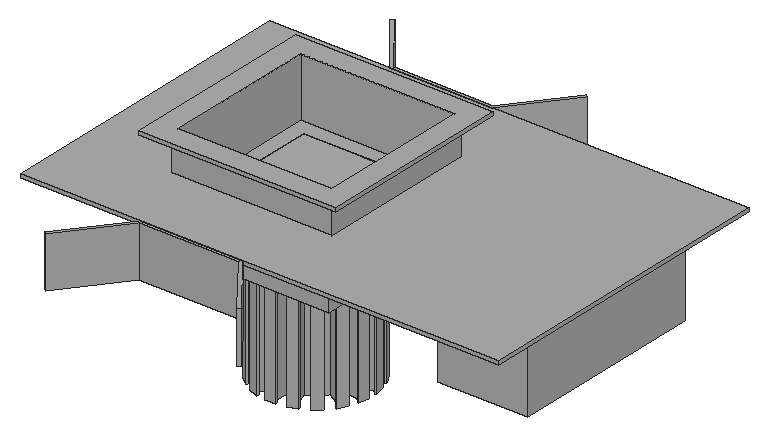
Revit family "LF4SQLED_Downlight", category Lighting Fixtures, host Face, Revit 2014
Parameters (values of type "LF4SQ")
  Width = 12 5/8"
  Wattage Comments = "14W"
  Wattage = 9.2903 W
  built-in parameter 1150110 = 1 (stored number, unit not read)
  Voltage = 120 V
  URL = "https://www.hubbell.com/prescolite/en/"
  built-in parameter 1114217 = 1 (stored number, unit not read)
  Tilt Angle = -90.00°
  built-in parameter 1150109 = 1 (stored number, unit not read)
  built-in parameter 1150134 = 3
  built-in parameter 1150113 = 1 (stored number, unit not read)
  SQ Length = 2 7/8"
  Product Page URL = "https://www.hubbell.com/hubbelllightingci/en/Products/Lighting-Controls/Commercial-Indoor-Lighting/Recessed-Downlights/LF4SQ/p/212948"
  Product Material = Steel
  Product Documentation Link = "https://hubbellcdn.com/specsheet/lfr_led_052.pdf"
  Power Factor = 0.9
  Photometric Web File = "LF4SQML-4SQML30L30K8 (1).IES"
  Number of Poles = 1
  More Photometric Web Link = "https://www.hubbell.com/hubbelllightingci/en/Products/Lighting-Controls/Commercial-Indoor-Lighting/Recessed-Downlights/LF4SQ/p/212948#prod-resources-section"
  Model = "LF4SQ"  # constant formula
  Manufacturer = "Prescolite"  # constant formula
  built-in parameter 1150105 = 109.82 (stored number, unit not read)
  Lumens = 1380 lm
  built-in parameter 1150115 = 1 (stored number, unit not read)
  Load Classification = Lighting
  built-in parameter 1150137 = (empty or 0)
  built-in parameter 1150139 = (empty or 0)
  Length = 14"
  built-in parameter 1150112 = 1 (stored number, unit not read)
  built-in parameter 1150114 = 1 (stored number, unit not read)
  Lamp = "1"
  built-in parameter 1150132 = (empty or 0)
  built-in parameter 1150102 = (empty or 0)
  built-in parameter 1150107 = 3200 (stored number, unit not read)
  built-in parameter 1150138 = (empty or 0)
  built-in parameter 1150106 = 1.0982 (stored number, unit not read)
  Height = 6 5/8"
  Glass = Glass
  Emit from Rectangle Width = 4 51/256"  # constant formula
  Emit from Rectangle Length = 4 51/256"  # constant formula
  Emit Shape Visible in Rendering = no
  built-in parameter 1150104 = 13.8 (stored number, unit not read)
  Dimming Lamp Color Temperature Shift = <None>
  Description = "4\" LED Square Downlight"
  Default Elevation = 48"
  Contact Us = "https://www.hubbell.com/hubbelllightingci/en/contactUs?productId=212948"
  Color Filter = 16777215
  built-in parameter 1114218 = 1 (stored number, unit not read)
  built-in parameter 1150133 = 10 (stored number, unit not read)
  Apparent Load = 14.4 VA
Reference planes (in)
  plane 1 "Center (Front/Back)": y = 0.03999
  plane 2: z = 0
  plane 3 "Center (Left/Right)": x = -8.24832
  plane 4: y = -6.27251
  plane 5: y = 6.35249
  plane 6: z = -5.5
  plane 7: x = -15.24832
  plane 8: x = -1.24832
  plane 9: y = 4.60249
  plane 10: y = -4.52251
  plane 11: x = -10.24832
  plane 12: x = -13.12332
  plane 13: x = -7.37332
  plane 14: y = 2.91499
  plane 15: y = -2.83501
  plane 16: z = 1.125
  plane 17: z = -2.375
  plane 18: z = 1.025
  plane 19: x = -4.37332
  plane 20: x = -1.74832
  plane 21: z = -0.1
  plane 22: z = 1.25
Forms (in)
  Extrusion 1, void
    sketch origin (0, 0, 0) x (1, 0, 0) y (0, 1, 0)
      loop
        line (-12.74832, 4.60199) -> (-12.74832, -4.52201) -> (-3.74832, -4.52201) -> (-3.74832, 4.60199) -> (-12.74832, 4.60199)
    from 0 to -7
  Sweep 2, solid, material "Steel" <- "Product Material"
    path origin (-16.83938, -180, -3.5) x (-1, 0, 0) y (0, -1, 0)
      loop
        line (-3.71606, -177.16499) -> (-9.46606, -177.16499) -> (-9.46606, -182.91499) -> (-3.71606, -182.91499) -> (-3.71606, -177.16499)
    profile origin (-13.12332, 0.03999, -3.5) x (-1, 0, 0) y (0, 0, 1)
      loop
        line (0, 4.625) -> (-0.625, 4.625) -> (-0.625, 2.875) -> (-1.06338, 2.875) -> (-1.06338, 1.125) -> (-0.96338, 1.125) -> (-0.96338, 2.775) -> (-0.525, 2.775) -> (-0.525, 4.525) -> (0, 4.525) -> (0, 4.625)
  Extrusion 3, solid, material "Steel" <- "Product Material"
    sketch origin (-16.83938, -180, -3.5) x (-1, 0, 0) y (0, -1, 0)
      loop
        circle (-6.59106, -180.03999) r 1
    from -2 to 1.125
  Extrusion 4, solid, material "Steel" <- "Product Material"
    sketch origin (-16.83938, -180, -3.5) x (-1, 0, 0) y (0, -1, 0)
      loop
        line (-4.77944, -181.85161) -> (-4.77944, -178.22837) -> (-8.40267, -178.22837) -> (-8.40267, -181.85161) -> (-4.77944, -181.85161)
    from 1.125 to 2.875
  Extrusion 5, solid, material "Steel" <- "Product Material"
    sketch origin (0, 0.03999, 0) x (1, 0, 0) y (0, 0, 1)
      loop
        line (-4.37332, -0.1) -> (-4.37332, -2.375) -> (-1.74832, -2.375) -> (-1.74832, -0.1) -> (-4.37332, -0.1)
    from -2.875 to 2.875
  Sweep 6, solid, material "Steel" <- "Product Material"
    path origin (0.25978, 0, 0) x (0, 1, 0) y (0, 0, 1)
      loop
        line (0.03999, -2.375) -> (0.03999, -5.5)
    profile origin (0.25978, 0.03999, -3.9375) x (1, 0, 0) y (0, 1, 0)
      loop
        line (-10.45811, 0.99875) -> (-10.45811, 1.62007) -> (-10.35811, 1.62007) -> (-10.35811, 1.67007) -> (-10.65811, 1.67007) -> (-10.65811, 1.62007) -> (-10.55811, 1.62007) -> (-10.55811, 0.99875)
        arc (-10.55811, 0.99875) -> (-10.50811, 1) -> (-10.45811, 0.99875) r 1
  Sweep 7, solid, material "Steel" <- "Product Material"
    path origin (-0.36026, 3.5964, 0) x (-0.34202, 0.939693, 0) y (0, 0, 1)
      loop
        line (0.03999, -2.375) -> (0.03999, -5.5)
    profile origin (-0.37394, 3.63397, -3.9375) x (0.939693, 0.34202, 0) y (-0.34202, 0.939693, 0)
      loop
        line (-10.45811, 0.99875) -> (-10.45811, 1.62007) -> (-10.35811, 1.62007) -> (-10.35811, 1.67007) -> (-10.65811, 1.67007) -> (-10.65811, 1.62007) -> (-10.55811, 1.62007) -> (-10.55811, 0.99875)
        arc (-10.55811, 0.99875) -> (-10.50811, 1) -> (-10.45811, 0.99875) r 1
  Sweep 8, solid, material "Steel" <- "Product Material"
    path origin (-2.17294, 6.76384, 0) x (-0.642788, 0.766044, 0) y (0, 0, 1)
      loop
        line (0.03999, -2.375) -> (0.03999, -5.5)
    profile origin (-2.19865, 6.79447, -3.9375) x (0.766044, 0.642788, 0) y (-0.642788, 0.766044, 0)
      loop
        line (-10.45811, 0.99875) -> (-10.45811, 1.62007) -> (-10.35811, 1.62007) -> (-10.35811, 1.67007) -> (-10.65811, 1.67007) -> (-10.65811, 1.62007) -> (-10.55811, 1.62007) -> (-10.55811, 0.99875)
        arc (-10.55811, 0.99875) -> (-10.50811, 1) -> (-10.45811, 0.99875) r 1
  Sweep 9, solid, material "Steel" <- "Product Material"
    path origin (-4.95964, 9.12028, 0) x (-0.866025, 0.5, 0) y (0, 0, 1)
      loop
        line (0.03999, -2.375) -> (0.03999, -5.5)
    profile origin (-4.99427, 9.14028, -3.9375) x (0.5, 0.866025, 0) y (-0.866025, 0.5, 0)
      loop
        line (-10.45811, 0.99875) -> (-10.45811, 1.62007) -> (-10.35811, 1.62007) -> (-10.35811, 1.67007) -> (-10.65811, 1.67007) -> (-10.65811, 1.62007) -> (-10.55811, 1.62007) -> (-10.55811, 0.99875)
        arc (-10.55811, 0.99875) -> (-10.50811, 1) -> (-10.45811, 0.99875) r 1
  Sweep 10, solid, material "Steel" <- "Product Material"
    path origin (-8.38423, 10.38151, 0) x (-0.984808, 0.173648, 0) y (0, 0, 1)
      loop
        line (0.03999, -2.375) -> (0.03999, -5.5)
    profile origin (-8.42361, 10.38845, -3.9375) x (0.173648, 0.984808, 0) y (-0.984808, 0.173648, 0)
      loop
        line (-10.45811, 0.99875) -> (-10.45811, 1.62007) -> (-10.35811, 1.62007) -> (-10.35811, 1.67007) -> (-10.65811, 1.67007) -> (-10.65811, 1.62007) -> (-10.55811, 1.62007) -> (-10.55811, 0.99875)
        arc (-10.55811, 0.99875) -> (-10.50811, 1) -> (-10.45811, 0.99875) r 1
  Sweep 11, solid, material "Steel" <- "Product Material"
    path origin (-12.03365, 10.3954, 0) x (-0.984808, -0.173648, 0) y (0, 0, 1)
      loop
        line (0.03999, -2.375) -> (0.03999, -5.5)
    profile origin (-12.07304, 10.38845, -3.9375) x (-0.173648, 0.984808, 0) y (-0.984808, -0.173648, 0)
      loop
        line (-10.45811, 0.99875) -> (-10.45811, 1.62007) -> (-10.35811, 1.62007) -> (-10.35811, 1.67007) -> (-10.65811, 1.67007) -> (-10.65811, 1.62007) -> (-10.55811, 1.62007) -> (-10.55811, 0.99875)
        arc (-10.55811, 0.99875) -> (-10.50811, 1) -> (-10.45811, 0.99875) r 1
  Sweep 12, solid, material "Steel" <- "Product Material"
    path origin (-15.46774, 9.16027, 0) x (-0.866025, -0.5, 0) y (0, 0, 1)
      loop
        line (0.03999, -2.375) -> (0.03999, -5.5)
    profile origin (-15.50238, 9.14028, -3.9375) x (-0.5, 0.866025, 0) y (-0.866025, -0.5, 0)
      loop
        line (-10.45811, 0.99875) -> (-10.45811, 1.62007) -> (-10.35811, 1.62007) -> (-10.35811, 1.67007) -> (-10.65811, 1.67007) -> (-10.65811, 1.62007) -> (-10.55811, 1.62007) -> (-10.55811, 0.99875)
        arc (-10.55811, 0.99875) -> (-10.50811, 1) -> (-10.45811, 0.99875) r 1
  Sweep 13, solid, material "Steel" <- "Product Material"
    path origin (-18.27229, 6.82511, 0) x (-0.642788, -0.766044, 0) y (0, 0, 1)
      loop
        line (0.03999, -2.375) -> (0.03999, -5.5)
    profile origin (-18.298, 6.79447, -3.9375) x (-0.766044, 0.642788, 0) y (-0.642788, -0.766044, 0)
      loop
        line (-10.45811, 0.99875) -> (-10.45811, 1.62007) -> (-10.35811, 1.62007) -> (-10.35811, 1.67007) -> (-10.65811, 1.67007) -> (-10.65811, 1.62007) -> (-10.55811, 1.62007) -> (-10.55811, 0.99875)
        arc (-10.55811, 0.99875) -> (-10.50811, 1) -> (-10.45811, 0.99875) r 1
  Sweep 14, solid, material "Steel" <- "Product Material"
    path origin (-20.10904, 3.67155, 0) x (-0.34202, -0.939693, 0) y (0, 0, 1)
      loop
        line (0.03999, -2.375) -> (0.03999, -5.5)
    profile origin (-20.12271, 3.63397, -3.9375) x (-0.939693, 0.34202, 0) y (-0.34202, -0.939693, 0)
      loop
        line (-10.45811, 0.99875) -> (-10.45811, 1.62007) -> (-10.35811, 1.62007) -> (-10.35811, 1.67007) -> (-10.65811, 1.67007) -> (-10.65811, 1.62007) -> (-10.55811, 1.62007) -> (-10.55811, 0.99875)
        arc (-10.55811, 0.99875) -> (-10.50811, 1) -> (-10.45811, 0.99875) r 1
  Sweep 15, solid, material "Steel" <- "Product Material"
    path origin (-20.75643, 0.07998, 0) x (0, -1, 0) y (0, 0, 1)
      loop
        line (0.03999, -2.375) -> (0.03999, -5.5)
    profile origin (-20.75643, 0.03999, -3.9375) x (-1, 0, 0) y (0, -1, 0)
      loop
        line (-10.45811, 0.99875) -> (-10.45811, 1.62007) -> (-10.35811, 1.62007) -> (-10.35811, 1.67007) -> (-10.65811, 1.67007) -> (-10.65811, 1.62007) -> (-10.55811, 1.62007) -> (-10.55811, 0.99875)
        arc (-10.55811, 0.99875) -> (-10.50811, 1) -> (-10.45811, 0.99875) r 1
  Sweep 16, solid, material "Steel" <- "Product Material"
    path origin (-20.13639, -3.51641, 0) x (0.34202, -0.939693, 0) y (0, 0, 1)
      loop
        line (0.03999, -2.375) -> (0.03999, -5.5)
    profile origin (-20.12271, -3.55399, -3.9375) x (-0.939693, -0.34202, 0) y (0.34202, -0.939693, 0)
      loop
        line (-10.45811, 0.99875) -> (-10.45811, 1.62007) -> (-10.35811, 1.62007) -> (-10.35811, 1.67007) -> (-10.65811, 1.67007) -> (-10.65811, 1.62007) -> (-10.55811, 1.62007) -> (-10.55811, 0.99875)
        arc (-10.55811, 0.99875) -> (-10.50811, 1) -> (-10.45811, 0.99875) r 1
  Sweep 17, solid, material "Steel" <- "Product Material"
    path origin (-18.32371, -6.68385, 0) x (0.642788, -0.766044, 0) y (0, 0, 1)
      loop
        line (0.03999, -2.375) -> (0.03999, -5.5)
    profile origin (-18.298, -6.71449, -3.9375) x (-0.766044, -0.642788, 0) y (0.642788, -0.766044, 0)
      loop
        line (-10.45811, 0.99875) -> (-10.45811, 1.62007) -> (-10.35811, 1.62007) -> (-10.35811, 1.67007) -> (-10.65811, 1.67007) -> (-10.65811, 1.62007) -> (-10.55811, 1.62007) -> (-10.55811, 0.99875)
        arc (-10.55811, 0.99875) -> (-10.50811, 1) -> (-10.45811, 0.99875) r 1
  Sweep 18, solid, material "Steel" <- "Product Material"
    path origin (-15.53701, -9.0403, 0) x (0.866025, -0.5, 0) y (0, 0, 1)
      loop
        line (0.03999, -2.375) -> (0.03999, -5.5)
    profile origin (-15.50238, -9.06029, -3.9375) x (-0.5, -0.866025, 0) y (0.866025, -0.5, 0)
      loop
        line (-10.45811, 0.99875) -> (-10.45811, 1.62007) -> (-10.35811, 1.62007) -> (-10.35811, 1.67007) -> (-10.65811, 1.67007) -> (-10.65811, 1.62007) -> (-10.55811, 1.62007) -> (-10.55811, 0.99875)
        arc (-10.55811, 0.99875) -> (-10.50811, 1) -> (-10.45811, 0.99875) r 1
  Sweep 19, solid, material "Steel" <- "Product Material"
    path origin (-12.11242, -10.30153, 0) x (0.984808, -0.173648, 0) y (0, 0, 1)
      loop
        line (0.03999, -2.375) -> (0.03999, -5.5)
    profile origin (-12.07304, -10.30847, -3.9375) x (-0.173648, -0.984808, 0) y (0.984808, -0.173648, 0)
      loop
        line (-10.45811, 0.99875) -> (-10.45811, 1.62007) -> (-10.35811, 1.62007) -> (-10.35811, 1.67007) -> (-10.65811, 1.67007) -> (-10.65811, 1.62007) -> (-10.55811, 1.62007) -> (-10.55811, 0.99875)
        arc (-10.55811, 0.99875) -> (-10.50811, 1) -> (-10.45811, 0.99875) r 1
  Sweep 20, solid, material "Steel" <- "Product Material"
    path origin (-8.46299, -10.31542, 0) x (0.984808, 0.173648, 0) y (0, 0, 1)
      loop
        line (0.03999, -2.375) -> (0.03999, -5.5)
    profile origin (-8.42361, -10.30847, -3.9375) x (0.173648, -0.984808, 0) y (0.984808, 0.173648, 0)
      loop
        line (-10.45811, 0.99875) -> (-10.45811, 1.62007) -> (-10.35811, 1.62007) -> (-10.35811, 1.67007) -> (-10.65811, 1.67007) -> (-10.65811, 1.62007) -> (-10.55811, 1.62007) -> (-10.55811, 0.99875)
        arc (-10.55811, 0.99875) -> (-10.50811, 1) -> (-10.45811, 0.99875) r 1
  Sweep 21, solid, material "Steel" <- "Product Material"
    path origin (-5.02891, -9.08029, 0) x (0.866025, 0.5, 0) y (0, 0, 1)
      loop
        line (0.03999, -2.375) -> (0.03999, -5.5)
    profile origin (-4.99427, -9.06029, -3.9375) x (0.5, -0.866025, 0) y (0.866025, 0.5, 0)
      loop
        line (-10.45811, 0.99875) -> (-10.45811, 1.62007) -> (-10.35811, 1.62007) -> (-10.35811, 1.67007) -> (-10.65811, 1.67007) -> (-10.65811, 1.62007) -> (-10.55811, 1.62007) -> (-10.55811, 0.99875)
        arc (-10.55811, 0.99875) -> (-10.50811, 1) -> (-10.45811, 0.99875) r 1
  Sweep 22, solid, material "Steel" <- "Product Material"
    path origin (-2.22435, -6.74512, 0) x (0.642788, 0.766044, 0) y (0, 0, 1)
      loop
        line (0.03999, -2.375) -> (0.03999, -5.5)
    profile origin (-2.19865, -6.71449, -3.9375) x (0.766044, -0.642788, 0) y (0.642788, 0.766044, 0)
      loop
        line (-10.45811, 0.99875) -> (-10.45811, 1.62007) -> (-10.35811, 1.62007) -> (-10.35811, 1.67007) -> (-10.65811, 1.67007) -> (-10.65811, 1.62007) -> (-10.55811, 1.62007) -> (-10.55811, 0.99875)
        arc (-10.55811, 0.99875) -> (-10.50811, 1) -> (-10.45811, 0.99875) r 1
  Sweep 23, solid, material "Steel" <- "Product Material"
    path origin (-0.38761, -3.59157, 0) x (0.34202, 0.939693, 0) y (0, 0, 1)
      loop
        line (0.03999, -2.375) -> (0.03999, -5.5)
    profile origin (-0.37394, -3.55399, -3.9375) x (0.939693, -0.34202, 0) y (0.34202, 0.939693, 0)
      loop
        line (-10.45811, 0.99875) -> (-10.45811, 1.62007) -> (-10.35811, 1.62007) -> (-10.35811, 1.67007) -> (-10.65811, 1.67007) -> (-10.65811, 1.62007) -> (-10.55811, 1.62007) -> (-10.55811, 0.99875)
        arc (-10.55811, 0.99875) -> (-10.50811, 1) -> (-10.45811, 0.99875) r 1
  Sweep 24, solid, material "Steel" <- "Product Material"
    path origin (-16.83938, -180, -3.5) x (-1, 0, 0) y (0, -1, 0)
      loop
        line (-3.71606, -186.35249) -> (-5.09106, -184.60249) -> (-8.09881, -184.60249) -> (-9.46606, -186.35249)
    profile origin (-10.24445, 4.60249, -3.5) x (0, 1, 0) y (0, 0, 1)
      loop
        line (0, 3.5) -> (0, 2) -> (0.1, 2) -> (0.1, 3.5) -> (0, 3.5)
  Extrusion 25, solid, material "Steel" <- "Product Material"
    sketch origin (-16.83938, -180, -3.5) x (-1, 0, 0) y (0, -1, 0)
      loop
        line (-1.59106, -184.60249) -> (-1.59106, -175.47749) -> (-15.59106, -175.47749) -> (-15.59106, -184.60249) -> (-1.59106, -184.60249)
      loop
        line (-4.24106, -182.38999) -> (-4.24106, -177.68999) -> (-8.94106, -177.68999) -> (-8.94106, -182.38999) -> (-4.24106, -182.38999)
    from 3.4 to 3.5
  Sweep 26, solid, material "Steel" <- "Product Material"
    path origin (-16.83938, 180.07998, -3.5) x (-1, 0, 0) y (0, -1, 0)
      loop
        line (-3.71606, 186.35249) -> (-5.09106, 184.60249) -> (-8.09881, 184.60249) -> (-9.46606, 186.35249)
    profile origin (-10.24445, -4.52251, -3.5) x (0, 1, 0) y (0, 0, 1)
      loop
        line (0, 3.5) -> (-0.1, 3.5) -> (-0.1, 2) -> (0, 2) -> (0, 3.5)
  Sweep 27, solid, material "Steel" <- "Product Material", not visible
    path origin (0.25978, 0, 0) x (0, 1, 0) y (0, 0, 1)
      loop
        line (0.03999, -2.375) -> (0.03999, -5.5)
    profile origin (0.25978, 0.03999, -3.9375) x (1, 0, 0) y (0, 1, 0)
      loop
        line (-10.45811, 0.99875) -> (-10.45811, 1.62007) -> (-10.35811, 1.62007) -> (-10.35811, 1.67007) -> (-10.65811, 1.67007) -> (-10.65811, 1.62007) -> (-10.55811, 1.62007) -> (-10.55811, 0.99875)
        arc (-10.55811, 0.99875) -> (-10.50811, 1) -> (-10.45811, 0.99875) r 1
  Sweep 28, solid, material "Steel" <- "Product Material", not visible
    path origin (-0.36026, 3.5964, 0) x (-0.34202, 0.939693, 0) y (0, 0, 1)
      loop
        line (0.03999, -2.375) -> (0.03999, -5.5)
    profile origin (-0.37394, 3.63397, -3.9375) x (0.939693, 0.34202, 0) y (-0.34202, 0.939693, 0)
      loop
        line (-10.45811, 0.99875) -> (-10.45811, 1.62007) -> (-10.35811, 1.62007) -> (-10.35811, 1.67007) -> (-10.65811, 1.67007) -> (-10.65811, 1.62007) -> (-10.55811, 1.62007) -> (-10.55811, 0.99875)
        arc (-10.55811, 0.99875) -> (-10.50811, 1) -> (-10.45811, 0.99875) r 1
  Sweep 29, solid, material "Steel" <- "Product Material", not visible
    path origin (-2.17294, 6.76384, 0) x (-0.642788, 0.766044, 0) y (0, 0, 1)
      loop
        line (0.03999, -2.375) -> (0.03999, -5.5)
    profile origin (-2.19865, 6.79447, -3.9375) x (0.766044, 0.642788, 0) y (-0.642788, 0.766044, 0)
      loop
        line (-10.45811, 0.99875) -> (-10.45811, 1.62007) -> (-10.35811, 1.62007) -> (-10.35811, 1.67007) -> (-10.65811, 1.67007) -> (-10.65811, 1.62007) -> (-10.55811, 1.62007) -> (-10.55811, 0.99875)
        arc (-10.55811, 0.99875) -> (-10.50811, 1) -> (-10.45811, 0.99875) r 1
  Sweep 30, solid, material "Steel" <- "Product Material", not visible
    path origin (-4.95964, 9.12028, 0) x (-0.866025, 0.5, 0) y (0, 0, 1)
      loop
        line (0.03999, -2.375) -> (0.03999, -5.5)
    profile origin (-4.99427, 9.14028, -3.9375) x (0.5, 0.866025, 0) y (-0.866025, 0.5, 0)
      loop
        line (-10.45811, 0.99875) -> (-10.45811, 1.62007) -> (-10.35811, 1.62007) -> (-10.35811, 1.67007) -> (-10.65811, 1.67007) -> (-10.65811, 1.62007) -> (-10.55811, 1.62007) -> (-10.55811, 0.99875)
        arc (-10.55811, 0.99875) -> (-10.50811, 1) -> (-10.45811, 0.99875) r 1
  Sweep 31, solid, material "Steel" <- "Product Material", not visible
    path origin (-8.38423, 10.38151, 0) x (-0.984808, 0.173648, 0) y (0, 0, 1)
      loop
        line (0.03999, -2.375) -> (0.03999, -5.5)
    profile origin (-8.42361, 10.38845, -3.9375) x (0.173648, 0.984808, 0) y (-0.984808, 0.173648, 0)
      loop
        line (-10.45811, 0.99875) -> (-10.45811, 1.62007) -> (-10.35811, 1.62007) -> (-10.35811, 1.67007) -> (-10.65811, 1.67007) -> (-10.65811, 1.62007) -> (-10.55811, 1.62007) -> (-10.55811, 0.99875)
        arc (-10.55811, 0.99875) -> (-10.50811, 1) -> (-10.45811, 0.99875) r 1
  Sweep 32, solid, material "Steel" <- "Product Material", not visible
    path origin (-12.03365, 10.3954, 0) x (-0.984808, -0.173648, 0) y (0, 0, 1)
      loop
        line (0.03999, -2.375) -> (0.03999, -5.5)
    profile origin (-12.07304, 10.38845, -3.9375) x (-0.173648, 0.984808, 0) y (-0.984808, -0.173648, 0)
      loop
        line (-10.45811, 0.99875) -> (-10.45811, 1.62007) -> (-10.35811, 1.62007) -> (-10.35811, 1.67007) -> (-10.65811, 1.67007) -> (-10.65811, 1.62007) -> (-10.55811, 1.62007) -> (-10.55811, 0.99875)
        arc (-10.55811, 0.99875) -> (-10.50811, 1) -> (-10.45811, 0.99875) r 1
  Sweep 33, solid, material "Steel" <- "Product Material", not visible
    path origin (-15.46774, 9.16027, 0) x (-0.866025, -0.5, 0) y (0, 0, 1)
      loop
        line (0.03999, -2.375) -> (0.03999, -5.5)
    profile origin (-15.50238, 9.14028, -3.9375) x (-0.5, 0.866025, 0) y (-0.866025, -0.5, 0)
      loop
        line (-10.45811, 0.99875) -> (-10.45811, 1.62007) -> (-10.35811, 1.62007) -> (-10.35811, 1.67007) -> (-10.65811, 1.67007) -> (-10.65811, 1.62007) -> (-10.55811, 1.62007) -> (-10.55811, 0.99875)
        arc (-10.55811, 0.99875) -> (-10.50811, 1) -> (-10.45811, 0.99875) r 1
  Sweep 34, solid, material "Steel" <- "Product Material", not visible
    path origin (-18.27229, 6.82511, 0) x (-0.642788, -0.766044, 0) y (0, 0, 1)
      loop
        line (0.03999, -2.375) -> (0.03999, -5.5)
    profile origin (-18.298, 6.79447, -3.9375) x (-0.766044, 0.642788, 0) y (-0.642788, -0.766044, 0)
      loop
        line (-10.45811, 0.99875) -> (-10.45811, 1.62007) -> (-10.35811, 1.62007) -> (-10.35811, 1.67007) -> (-10.65811, 1.67007) -> (-10.65811, 1.62007) -> (-10.55811, 1.62007) -> (-10.55811, 0.99875)
        arc (-10.55811, 0.99875) -> (-10.50811, 1) -> (-10.45811, 0.99875) r 1
  Sweep 35, solid, material "Steel" <- "Product Material", not visible
    path origin (-20.10904, 3.67155, 0) x (-0.34202, -0.939693, 0) y (0, 0, 1)
      loop
        line (0.03999, -2.375) -> (0.03999, -5.5)
    profile origin (-20.12271, 3.63397, -3.9375) x (-0.939693, 0.34202, 0) y (-0.34202, -0.939693, 0)
      loop
        line (-10.45811, 0.99875) -> (-10.45811, 1.62007) -> (-10.35811, 1.62007) -> (-10.35811, 1.67007) -> (-10.65811, 1.67007) -> (-10.65811, 1.62007) -> (-10.55811, 1.62007) -> (-10.55811, 0.99875)
        arc (-10.55811, 0.99875) -> (-10.50811, 1) -> (-10.45811, 0.99875) r 1
  Sweep 36, solid, material "Steel" <- "Product Material", not visible
    path origin (-20.75643, 0.07998, 0) x (0, -1, 0) y (0, 0, 1)
      loop
        line (0.03999, -2.375) -> (0.03999, -5.5)
    profile origin (-20.75643, 0.03999, -3.9375) x (-1, 0, 0) y (0, -1, 0)
      loop
        line (-10.45811, 0.99875) -> (-10.45811, 1.62007) -> (-10.35811, 1.62007) -> (-10.35811, 1.67007) -> (-10.65811, 1.67007) -> (-10.65811, 1.62007) -> (-10.55811, 1.62007) -> (-10.55811, 0.99875)
        arc (-10.55811, 0.99875) -> (-10.50811, 1) -> (-10.45811, 0.99875) r 1
  Sweep 37, solid, material "Steel" <- "Product Material", not visible
    path origin (-20.13639, -3.51641, 0) x (0.34202, -0.939693, 0) y (0, 0, 1)
      loop
        line (0.03999, -2.375) -> (0.03999, -5.5)
    profile origin (-20.12271, -3.55399, -3.9375) x (-0.939693, -0.34202, 0) y (0.34202, -0.939693, 0)
      loop
        line (-10.45811, 0.99875) -> (-10.45811, 1.62007) -> (-10.35811, 1.62007) -> (-10.35811, 1.67007) -> (-10.65811, 1.67007) -> (-10.65811, 1.62007) -> (-10.55811, 1.62007) -> (-10.55811, 0.99875)
        arc (-10.55811, 0.99875) -> (-10.50811, 1) -> (-10.45811, 0.99875) r 1
  Sweep 38, solid, material "Steel" <- "Product Material", not visible
    path origin (-18.32371, -6.68385, 0) x (0.642788, -0.766044, 0) y (0, 0, 1)
      loop
        line (0.03999, -2.375) -> (0.03999, -5.5)
    profile origin (-18.298, -6.71449, -3.9375) x (-0.766044, -0.642788, 0) y (0.642788, -0.766044, 0)
      loop
        line (-10.45811, 0.99875) -> (-10.45811, 1.62007) -> (-10.35811, 1.62007) -> (-10.35811, 1.67007) -> (-10.65811, 1.67007) -> (-10.65811, 1.62007) -> (-10.55811, 1.62007) -> (-10.55811, 0.99875)
        arc (-10.55811, 0.99875) -> (-10.50811, 1) -> (-10.45811, 0.99875) r 1
  Sweep 39, solid, material "Steel" <- "Product Material", not visible
    path origin (-15.53701, -9.0403, 0) x (0.866025, -0.5, 0) y (0, 0, 1)
      loop
        line (0.03999, -2.375) -> (0.03999, -5.5)
    profile origin (-15.50238, -9.06029, -3.9375) x (-0.5, -0.866025, 0) y (0.866025, -0.5, 0)
      loop
        line (-10.45811, 0.99875) -> (-10.45811, 1.62007) -> (-10.35811, 1.62007) -> (-10.35811, 1.67007) -> (-10.65811, 1.67007) -> (-10.65811, 1.62007) -> (-10.55811, 1.62007) -> (-10.55811, 0.99875)
        arc (-10.55811, 0.99875) -> (-10.50811, 1) -> (-10.45811, 0.99875) r 1
  Sweep 40, solid, material "Steel" <- "Product Material", not visible
    path origin (-12.11242, -10.30153, 0) x (0.984808, -0.173648, 0) y (0, 0, 1)
      loop
        line (0.03999, -2.375) -> (0.03999, -5.5)
    profile origin (-12.07304, -10.30847, -3.9375) x (-0.173648, -0.984808, 0) y (0.984808, -0.173648, 0)
      loop
        line (-10.45811, 0.99875) -> (-10.45811, 1.62007) -> (-10.35811, 1.62007) -> (-10.35811, 1.67007) -> (-10.65811, 1.67007) -> (-10.65811, 1.62007) -> (-10.55811, 1.62007) -> (-10.55811, 0.99875)
        arc (-10.55811, 0.99875) -> (-10.50811, 1) -> (-10.45811, 0.99875) r 1
  Sweep 41, solid, material "Steel" <- "Product Material", not visible
    path origin (-8.46299, -10.31542, 0) x (0.984808, 0.173648, 0) y (0, 0, 1)
      loop
        line (0.03999, -2.375) -> (0.03999, -5.5)
    profile origin (-8.42361, -10.30847, -3.9375) x (0.173648, -0.984808, 0) y (0.984808, 0.173648, 0)
      loop
        line (-10.45811, 0.99875) -> (-10.45811, 1.62007) -> (-10.35811, 1.62007) -> (-10.35811, 1.67007) -> (-10.65811, 1.67007) -> (-10.65811, 1.62007) -> (-10.55811, 1.62007) -> (-10.55811, 0.99875)
        arc (-10.55811, 0.99875) -> (-10.50811, 1) -> (-10.45811, 0.99875) r 1
  Sweep 42, solid, material "Steel" <- "Product Material", not visible
    path origin (-5.02891, -9.08029, 0) x (0.866025, 0.5, 0) y (0, 0, 1)
      loop
        line (0.03999, -2.375) -> (0.03999, -5.5)
    profile origin (-4.99427, -9.06029, -3.9375) x (0.5, -0.866025, 0) y (0.866025, 0.5, 0)
      loop
        line (-10.45811, 0.99875) -> (-10.45811, 1.62007) -> (-10.35811, 1.62007) -> (-10.35811, 1.67007) -> (-10.65811, 1.67007) -> (-10.65811, 1.62007) -> (-10.55811, 1.62007) -> (-10.55811, 0.99875)
        arc (-10.55811, 0.99875) -> (-10.50811, 1) -> (-10.45811, 0.99875) r 1
  Sweep 43, solid, material "Steel" <- "Product Material", not visible
    path origin (-2.22435, -6.74512, 0) x (0.642788, 0.766044, 0) y (0, 0, 1)
      loop
        line (0.03999, -2.375) -> (0.03999, -5.5)
    profile origin (-2.19865, -6.71449, -3.9375) x (0.766044, -0.642788, 0) y (0.642788, 0.766044, 0)
      loop
        line (-10.45811, 0.99875) -> (-10.45811, 1.62007) -> (-10.35811, 1.62007) -> (-10.35811, 1.67007) -> (-10.65811, 1.67007) -> (-10.65811, 1.62007) -> (-10.55811, 1.62007) -> (-10.55811, 0.99875)
        arc (-10.55811, 0.99875) -> (-10.50811, 1) -> (-10.45811, 0.99875) r 1
  Sweep 44, solid, material "Steel" <- "Product Material", not visible
    path origin (-0.38761, -3.59157, 0) x (0.34202, 0.939693, 0) y (0, 0, 1)
      loop
        line (0.03999, -2.375) -> (0.03999, -5.5)
    profile origin (-0.37394, -3.55399, -3.9375) x (0.939693, -0.34202, 0) y (0.34202, 0.939693, 0)
      loop
        line (-10.45811, 0.99875) -> (-10.45811, 1.62007) -> (-10.35811, 1.62007) -> (-10.35811, 1.67007) -> (-10.65811, 1.67007) -> (-10.65811, 1.62007) -> (-10.55811, 1.62007) -> (-10.55811, 0.99875)
        arc (-10.55811, 0.99875) -> (-10.50811, 1) -> (-10.45811, 0.99875) r 1
Dimensions and locks (in)
  equal spacing: plane 5, plane 1 "Center (Front/Back)", plane 4
  "Width": plane 5 to plane 4
  equal spacing: plane 7, plane 3 "Center (Left/Right)", plane 8
  "Length": plane 7 to plane 8
  equal spacing: plane 9, plane 1 "Center (Front/Back)", plane 10
  locked: plane 9 to plane 10 at 9.125
  locked: plane 7 to plane 11 at 5
  equal spacing: plane 14, plane 1 "Center (Front/Back)", plane 15
  "SQ Length": plane 1 "Center (Front/Back)" to plane 14
  plane 16 to plane 2 = 1 1/8"
  "SQ Length": plane 11 to plane 12
  equal spacing: plane 13, plane 11, plane 12
  "Height": plane 16 to plane 6
  plane 20 to plane 8 = 1/2"
  locked: Sweep 6 to plane 11 at 0.05
  aligned and locked: plane 2 to host face
  aligned and locked: level to host face
  aligned and locked: Sweep 2 sketch curve to plane 16
  aligned and locked: Sweep 2 sketch curve to plane 12
  aligned and locked: plane 12 to Sweep 2 sketch curve
  aligned and locked: Sweep 2 sketch curve to plane 14
  aligned and locked: plane 13 to Sweep 2 sketch curve
  aligned and locked: plane 15 to Sweep 2 sketch curve
  aligned and locked: Extrusion 3 to Sweep 2
  aligned and locked: Extrusion 3 to plane 6
  aligned and locked: Extrusion 4 sketch curve to Sweep 2  (x4)
  aligned and locked: Sweep 2 to Extrusion 4  (x2)
  aligned and locked: Extrusion 5 to plane 20
  aligned and locked: plane 19 to Extrusion 5
  aligned and locked: Sweep 2 to Extrusion 5
  aligned and locked: plane 14 to Extrusion 5
  aligned and locked: Extrusion 5 to plane 15
  aligned and locked: Sweep 24 sketch curve to level
  aligned and locked: Sweep 24 sketch curve to profile plane
  aligned and locked: Extrusion 25 sketch curve to plane 9
  aligned and locked: plane 7 to Extrusion 25 sketch curve
  aligned and locked: plane 10 to Extrusion 25 sketch curve
  aligned and locked: Extrusion 25 sketch curve to plane 8
  aligned and locked: level to Extrusion 25
  aligned and locked: Extrusion 25 to plane 21
  aligned and locked: plane 21 to Extrusion 5
  aligned and locked: Sweep 24 sketch curve to plane 9
  aligned and locked: Sweep 26 sketch curve to profile plane
  aligned and locked: Sweep 26 sketch curve to plane 10
  aligned and locked: imposter light to plane 22
Automatic sketch dimensions
  profile plane to Sweep 6 sketch curve = 0"
  Sweep 6 sketch curve to Sweep 6 sketch curve = 0.1"  (x3)
  Sweep 6 sketch curve to Sweep 6 sketch curve = 0.05"  (x2)
  Sweep 6 sketch curve to profile plane = 0.99875"
  Sweep 6 sketch curve to Sweep 6 sketch curve = 0.62132"
  Sweep 6 sketch curve to Sweep 6 sketch curve = 0"
  Sweep 6 sketch curve to Sweep 6 sketch curve = 3 1/8"
  Sweep 6 sketch curve to profile plane = 10.65811"
  profile plane to Sweep 7 sketch curve = 0"
  Sweep 7 sketch curve to Sweep 7 sketch curve = 0.1"  (x3)
  Sweep 7 sketch curve to Sweep 7 sketch curve = 0.05"  (x2)
  Sweep 7 sketch curve to profile plane = 0.99875"
  Sweep 7 sketch curve to Sweep 7 sketch curve = 0.62132"
  Sweep 7 sketch curve to Sweep 7 sketch curve = 0"
  Sweep 7 sketch curve to Sweep 7 sketch curve = 3 1/8"
  Sweep 7 sketch curve to profile plane = 10.65811"
  profile plane to Sweep 8 sketch curve = 0"
  Sweep 8 sketch curve to Sweep 8 sketch curve = 0.1"  (x3)
  Sweep 8 sketch curve to Sweep 8 sketch curve = 0.05"  (x2)
  Sweep 8 sketch curve to profile plane = 0.99875"
  Sweep 8 sketch curve to Sweep 8 sketch curve = 0.62132"
  Sweep 8 sketch curve to Sweep 8 sketch curve = 0"
  Sweep 8 sketch curve to Sweep 8 sketch curve = 3 1/8"
  Sweep 8 sketch curve to profile plane = 10.65811"
  profile plane to Sweep 9 sketch curve = 0"
  Sweep 9 sketch curve to Sweep 9 sketch curve = 0.1"  (x3)
  Sweep 9 sketch curve to Sweep 9 sketch curve = 0.05"  (x2)
  Sweep 9 sketch curve to profile plane = 0.99875"
  Sweep 9 sketch curve to Sweep 9 sketch curve = 0.62132"
  Sweep 9 sketch curve to Sweep 9 sketch curve = 0"
  Sweep 9 sketch curve to Sweep 9 sketch curve = 3 1/8"
  Sweep 9 sketch curve to profile plane = 10.65811"
  profile plane to Sweep 10 sketch curve = 0"
  Sweep 10 sketch curve to Sweep 10 sketch curve = 0.1"  (x3)
  Sweep 10 sketch curve to Sweep 10 sketch curve = 0.05"  (x2)
  Sweep 10 sketch curve to profile plane = 0.99875"
  Sweep 10 sketch curve to Sweep 10 sketch curve = 0.62132"
  Sweep 10 sketch curve to Sweep 10 sketch curve = 0"
  Sweep 10 sketch curve to Sweep 10 sketch curve = 3 1/8"
  Sweep 10 sketch curve to profile plane = 10.65811"
  profile plane to Sweep 11 sketch curve = 0"
  Sweep 11 sketch curve to Sweep 11 sketch curve = 0.1"  (x3)
  Sweep 11 sketch curve to Sweep 11 sketch curve = 0.05"  (x2)
  Sweep 11 sketch curve to profile plane = 0.99875"
  Sweep 11 sketch curve to Sweep 11 sketch curve = 0.62132"
  Sweep 11 sketch curve to Sweep 11 sketch curve = 0"
  Sweep 11 sketch curve to Sweep 11 sketch curve = 3 1/8"
  Sweep 11 sketch curve to profile plane = 10.65811"
  profile plane to Sweep 12 sketch curve = 0"
  Sweep 12 sketch curve to Sweep 12 sketch curve = 0.1"  (x3)
  Sweep 12 sketch curve to Sweep 12 sketch curve = 0.05"  (x2)
  Sweep 12 sketch curve to profile plane = 0.99875"
  Sweep 12 sketch curve to Sweep 12 sketch curve = 0.62132"
  Sweep 12 sketch curve to Sweep 12 sketch curve = 0"
  Sweep 12 sketch curve to Sweep 12 sketch curve = 3 1/8"
  Sweep 12 sketch curve to profile plane = 10.65811"
  profile plane to Sweep 13 sketch curve = 0"
  Sweep 13 sketch curve to Sweep 13 sketch curve = 0.1"  (x3)
  Sweep 13 sketch curve to Sweep 13 sketch curve = 0.05"  (x2)
  Sweep 13 sketch curve to profile plane = 0.99875"
  Sweep 13 sketch curve to Sweep 13 sketch curve = 0.62132"
  Sweep 13 sketch curve to Sweep 13 sketch curve = 0"
  Sweep 13 sketch curve to Sweep 13 sketch curve = 3 1/8"
  Sweep 13 sketch curve to profile plane = 10.65811"
  profile plane to Sweep 14 sketch curve = 0"
  Sweep 14 sketch curve to Sweep 14 sketch curve = 0.1"  (x3)
  Sweep 14 sketch curve to Sweep 14 sketch curve = 0.05"  (x2)
  Sweep 14 sketch curve to profile plane = 0.99875"
  Sweep 14 sketch curve to Sweep 14 sketch curve = 0.62132"
  Sweep 14 sketch curve to Sweep 14 sketch curve = 0"
  Sweep 14 sketch curve to Sweep 14 sketch curve = 3 1/8"
  Sweep 14 sketch curve to profile plane = 10.65811"
  profile plane to Sweep 15 sketch curve = 0"
  Sweep 15 sketch curve to Sweep 15 sketch curve = 0.1"  (x3)
  Sweep 15 sketch curve to Sweep 15 sketch curve = 0.05"  (x2)
  Sweep 15 sketch curve to profile plane = 0.99875"
  Sweep 15 sketch curve to Sweep 15 sketch curve = 0.62132"
  Sweep 15 sketch curve to Sweep 15 sketch curve = 0"
  Sweep 15 sketch curve to Sweep 15 sketch curve = 3 1/8"
  Sweep 15 sketch curve to profile plane = 10.65811"
  profile plane to Sweep 16 sketch curve = 0"
  Sweep 16 sketch curve to Sweep 16 sketch curve = 0.1"  (x3)
  Sweep 16 sketch curve to Sweep 16 sketch curve = 0.05"  (x2)
  Sweep 16 sketch curve to profile plane = 0.99875"
  Sweep 16 sketch curve to Sweep 16 sketch curve = 0.62132"
  Sweep 16 sketch curve to Sweep 16 sketch curve = 0"
  Sweep 16 sketch curve to Sweep 16 sketch curve = 3 1/8"
  Sweep 16 sketch curve to profile plane = 10.65811"
  profile plane to Sweep 17 sketch curve = 0"
  Sweep 17 sketch curve to Sweep 17 sketch curve = 0.1"  (x3)
  Sweep 17 sketch curve to Sweep 17 sketch curve = 0.05"  (x2)
  Sweep 17 sketch curve to profile plane = 0.99875"
  Sweep 17 sketch curve to Sweep 17 sketch curve = 0.62132"
  Sweep 17 sketch curve to Sweep 17 sketch curve = 0"
  Sweep 17 sketch curve to Sweep 17 sketch curve = 3 1/8"
  Sweep 17 sketch curve to profile plane = 10.65811"
  profile plane to Sweep 18 sketch curve = 0"
  Sweep 18 sketch curve to Sweep 18 sketch curve = 0.1"  (x3)
  Sweep 18 sketch curve to Sweep 18 sketch curve = 0.05"  (x2)
  Sweep 18 sketch curve to profile plane = 0.99875"
  Sweep 18 sketch curve to Sweep 18 sketch curve = 0.62132"
  Sweep 18 sketch curve to Sweep 18 sketch curve = 0"
  Sweep 18 sketch curve to Sweep 18 sketch curve = 3 1/8"
  Sweep 18 sketch curve to profile plane = 10.65811"
  profile plane to Sweep 19 sketch curve = 0"
  Sweep 19 sketch curve to Sweep 19 sketch curve = 0.1"  (x3)
  Sweep 19 sketch curve to Sweep 19 sketch curve = 0.05"  (x2)
  Sweep 19 sketch curve to profile plane = 0.99875"
  Sweep 19 sketch curve to Sweep 19 sketch curve = 0.62132"
  Sweep 19 sketch curve to Sweep 19 sketch curve = 0"
  Sweep 19 sketch curve to Sweep 19 sketch curve = 3 1/8"
  Sweep 19 sketch curve to profile plane = 10.65811"
  profile plane to Sweep 20 sketch curve = 0"
  Sweep 20 sketch curve to Sweep 20 sketch curve = 0.1"  (x3)
  Sweep 20 sketch curve to Sweep 20 sketch curve = 0.05"  (x2)
  Sweep 20 sketch curve to profile plane = 0.99875"
  Sweep 20 sketch curve to Sweep 20 sketch curve = 0.62132"
  Sweep 20 sketch curve to Sweep 20 sketch curve = 0"
  Sweep 20 sketch curve to Sweep 20 sketch curve = 3 1/8"
  Sweep 20 sketch curve to profile plane = 10.65811"
  profile plane to Sweep 21 sketch curve = 0"
  Sweep 21 sketch curve to Sweep 21 sketch curve = 0.1"  (x3)
  Sweep 21 sketch curve to Sweep 21 sketch curve = 0.05"  (x2)
  Sweep 21 sketch curve to profile plane = 0.99875"
  Sweep 21 sketch curve to Sweep 21 sketch curve = 0.62132"
  Sweep 21 sketch curve to Sweep 21 sketch curve = 0"
  Sweep 21 sketch curve to Sweep 21 sketch curve = 3 1/8"
  Sweep 21 sketch curve to profile plane = 10.65811"
  profile plane to Sweep 22 sketch curve = 0"
  Sweep 22 sketch curve to Sweep 22 sketch curve = 0.1"  (x3)
  Sweep 22 sketch curve to Sweep 22 sketch curve = 0.05"  (x2)
  Sweep 22 sketch curve to profile plane = 0.99875"
  Sweep 22 sketch curve to Sweep 22 sketch curve = 0.62132"
  Sweep 22 sketch curve to Sweep 22 sketch curve = 0"
  Sweep 22 sketch curve to Sweep 22 sketch curve = 3 1/8"
  Sweep 22 sketch curve to profile plane = 10.65811"
  profile plane to Sweep 23 sketch curve = 0"
  Sweep 23 sketch curve to Sweep 23 sketch curve = 0.1"  (x3)
  Sweep 23 sketch curve to Sweep 23 sketch curve = 0.05"  (x2)
  Sweep 23 sketch curve to profile plane = 0.99875"
  Sweep 23 sketch curve to Sweep 23 sketch curve = 0.62132"
  Sweep 23 sketch curve to Sweep 23 sketch curve = 0"
  Sweep 23 sketch curve to Sweep 23 sketch curve = 3 1/8"
  Sweep 23 sketch curve to profile plane = 10.65811"
  host sketch curve to host sketch curve = 96"  (x2)
  plane 10 to Extrusion 1 sketch curve = 0.0005"
  plane 12 to Extrusion 1 sketch curve = 3/8"
  Extrusion 1 sketch curve to plane 19 = 5/8"
  Extrusion 1 sketch curve to plane 9 = 0.0005"
  profile plane to Sweep 2 sketch curve = 0.525"
  Sweep 2 sketch curve to Sweep 2 sketch curve = 0.1"  (x4)
  Sweep 2 sketch curve to Sweep 2 sketch curve = 0.33838"
  Sweep 2 sketch curve to Sweep 2 sketch curve = 1.65"
  profile plane to Sweep 2 sketch curve = 1 1/8"
  plane 1 "Center (Front/Back)" to Extrusion 3 sketch curve = 0"
  Extrusion 3 sketch curve to plane 11 = 0"
  Extrusion 5 sketch curve to plane 17 = 0"
  plane 19 to Extrusion 5 sketch curve = 0"
  plane 20 to Extrusion 5 sketch curve = 0"
  Extrusion 5 sketch curve to plane 21 = 0"
  Sweep 24 sketch curve to plane 5 = 0"  (x2)
  Sweep 24 sketch curve to plane 13 = 0"
  Sweep 24 sketch curve to plane 12 = 0"
  Sweep 24 sketch curve to plane 3 "Center (Left/Right)" = 0.49225"
  plane 12 to Sweep 24 sketch curve = 1 3/8"
  Sweep 26 sketch curve to plane 4 = 0"  (x2)
  Sweep 26 sketch curve to plane 13 = 0"
  Sweep 26 sketch curve to plane 12 = 0"
  Sweep 26 sketch curve to plane 3 "Center (Left/Right)" = 0.49225"
  plane 12 to Sweep 26 sketch curve = 1 3/8"
  profile plane to Sweep 26 sketch curve = 0.1"
  profile plane to Sweep 26 sketch curve = 2"
  Sweep 26 sketch curve to Sweep 26 sketch curve = 1 1/2"
  plane 3 "Center (Left/Right)" to Extrusion 25 sketch curve = 0.35"
  plane 12 to Extrusion 25 sketch curve = 0.525"
  Extrusion 25 sketch curve to plane 14 = 0.525"
  plane 15 to Extrusion 25 sketch curve = 0.525"
  Sweep 24 sketch curve to profile plane = 0.1"
  Sweep 24 sketch curve to Sweep 24 sketch curve = 1 1/2"
  profile plane to Sweep 27 sketch curve = 0"
  Sweep 27 sketch curve to Sweep 27 sketch curve = 0.1"  (x3)
  Sweep 27 sketch curve to Sweep 27 sketch curve = 0.05"  (x2)
  Sweep 27 sketch curve to profile plane = 0.99875"
  Sweep 27 sketch curve to Sweep 27 sketch curve = 0.62132"
  Sweep 27 sketch curve to Sweep 27 sketch curve = 0"
  Sweep 27 sketch curve to Sweep 27 sketch curve = 3 1/8"
  Sweep 27 sketch curve to profile plane = 10.65811"
  profile plane to Sweep 28 sketch curve = 0"
  Sweep 28 sketch curve to Sweep 28 sketch curve = 0.1"  (x3)
  Sweep 28 sketch curve to Sweep 28 sketch curve = 0.05"  (x2)
  Sweep 28 sketch curve to profile plane = 0.99875"
  Sweep 28 sketch curve to Sweep 28 sketch curve = 0.62132"
  Sweep 28 sketch curve to Sweep 28 sketch curve = 0"
  Sweep 28 sketch curve to Sweep 28 sketch curve = 3 1/8"
  Sweep 28 sketch curve to profile plane = 10.65811"
  profile plane to Sweep 29 sketch curve = 0"
  Sweep 29 sketch curve to Sweep 29 sketch curve = 0.1"  (x3)
  Sweep 29 sketch curve to Sweep 29 sketch curve = 0.05"  (x2)
  Sweep 29 sketch curve to profile plane = 0.99875"
  Sweep 29 sketch curve to Sweep 29 sketch curve = 0.62132"
  Sweep 29 sketch curve to Sweep 29 sketch curve = 0"
  Sweep 29 sketch curve to Sweep 29 sketch curve = 3 1/8"
  Sweep 29 sketch curve to profile plane = 10.65811"
  profile plane to Sweep 30 sketch curve = 0"
  Sweep 30 sketch curve to Sweep 30 sketch curve = 0.1"  (x3)
  Sweep 30 sketch curve to Sweep 30 sketch curve = 0.05"  (x2)
  Sweep 30 sketch curve to profile plane = 0.99875"
  Sweep 30 sketch curve to Sweep 30 sketch curve = 0.62132"
  Sweep 30 sketch curve to Sweep 30 sketch curve = 0"
  Sweep 30 sketch curve to Sweep 30 sketch curve = 3 1/8"
  Sweep 30 sketch curve to profile plane = 10.65811"
  profile plane to Sweep 31 sketch curve = 0"
  Sweep 31 sketch curve to Sweep 31 sketch curve = 0.1"  (x3)
  Sweep 31 sketch curve to Sweep 31 sketch curve = 0.05"  (x2)
  Sweep 31 sketch curve to profile plane = 0.99875"
  Sweep 31 sketch curve to Sweep 31 sketch curve = 0.62132"
  Sweep 31 sketch curve to Sweep 31 sketch curve = 0"
  Sweep 31 sketch curve to Sweep 31 sketch curve = 3 1/8"
  Sweep 31 sketch curve to profile plane = 10.65811"
  profile plane to Sweep 32 sketch curve = 0"
  Sweep 32 sketch curve to Sweep 32 sketch curve = 0.1"  (x3)
  Sweep 32 sketch curve to Sweep 32 sketch curve = 0.05"  (x2)
  Sweep 32 sketch curve to profile plane = 0.99875"
  Sweep 32 sketch curve to Sweep 32 sketch curve = 0.62132"
  Sweep 32 sketch curve to Sweep 32 sketch curve = 0"
  Sweep 32 sketch curve to Sweep 32 sketch curve = 3 1/8"
  Sweep 32 sketch curve to profile plane = 10.65811"
  profile plane to Sweep 33 sketch curve = 0"
  Sweep 33 sketch curve to Sweep 33 sketch curve = 0.1"  (x3)
  Sweep 33 sketch curve to Sweep 33 sketch curve = 0.05"  (x2)
  Sweep 33 sketch curve to profile plane = 0.99875"
  Sweep 33 sketch curve to Sweep 33 sketch curve = 0.62132"
  Sweep 33 sketch curve to Sweep 33 sketch curve = 0"
  Sweep 33 sketch curve to Sweep 33 sketch curve = 3 1/8"
  Sweep 33 sketch curve to profile plane = 10.65811"
  profile plane to Sweep 34 sketch curve = 0"
  Sweep 34 sketch curve to Sweep 34 sketch curve = 0.1"  (x3)
  Sweep 34 sketch curve to Sweep 34 sketch curve = 0.05"  (x2)
  Sweep 34 sketch curve to profile plane = 0.99875"
  Sweep 34 sketch curve to Sweep 34 sketch curve = 0.62132"
  Sweep 34 sketch curve to Sweep 34 sketch curve = 0"
  Sweep 34 sketch curve to Sweep 34 sketch curve = 3 1/8"
  Sweep 34 sketch curve to profile plane = 10.65811"
  profile plane to Sweep 35 sketch curve = 0"
  Sweep 35 sketch curve to Sweep 35 sketch curve = 0.1"  (x3)
  Sweep 35 sketch curve to Sweep 35 sketch curve = 0.05"  (x2)
  Sweep 35 sketch curve to profile plane = 0.99875"
  Sweep 35 sketch curve to Sweep 35 sketch curve = 0.62132"
  Sweep 35 sketch curve to Sweep 35 sketch curve = 0"
  Sweep 35 sketch curve to Sweep 35 sketch curve = 3 1/8"
  Sweep 35 sketch curve to profile plane = 10.65811"
  profile plane to Sweep 36 sketch curve = 0"
  Sweep 36 sketch curve to Sweep 36 sketch curve = 0.1"  (x3)
  Sweep 36 sketch curve to Sweep 36 sketch curve = 0.05"  (x2)
  Sweep 36 sketch curve to profile plane = 0.99875"
  Sweep 36 sketch curve to Sweep 36 sketch curve = 0.62132"
  Sweep 36 sketch curve to Sweep 36 sketch curve = 0"
  Sweep 36 sketch curve to Sweep 36 sketch curve = 3 1/8"
  Sweep 36 sketch curve to profile plane = 10.65811"
  profile plane to Sweep 37 sketch curve = 0"
  Sweep 37 sketch curve to Sweep 37 sketch curve = 0.1"  (x3)
  Sweep 37 sketch curve to Sweep 37 sketch curve = 0.05"  (x2)
  Sweep 37 sketch curve to profile plane = 0.99875"
  Sweep 37 sketch curve to Sweep 37 sketch curve = 0.62132"
  Sweep 37 sketch curve to Sweep 37 sketch curve = 0"
  Sweep 37 sketch curve to Sweep 37 sketch curve = 3 1/8"
  Sweep 37 sketch curve to profile plane = 10.65811"
  profile plane to Sweep 38 sketch curve = 0"
  Sweep 38 sketch curve to Sweep 38 sketch curve = 0.1"  (x3)
  Sweep 38 sketch curve to Sweep 38 sketch curve = 0.05"  (x2)
  Sweep 38 sketch curve to profile plane = 0.99875"
  Sweep 38 sketch curve to Sweep 38 sketch curve = 0.62132"
  Sweep 38 sketch curve to Sweep 38 sketch curve = 0"
  Sweep 38 sketch curve to Sweep 38 sketch curve = 3 1/8"
  Sweep 38 sketch curve to profile plane = 10.65811"
  profile plane to Sweep 39 sketch curve = 0"
  Sweep 39 sketch curve to Sweep 39 sketch curve = 0.1"  (x3)
  Sweep 39 sketch curve to Sweep 39 sketch curve = 0.05"  (x2)
  Sweep 39 sketch curve to profile plane = 0.99875"
  Sweep 39 sketch curve to Sweep 39 sketch curve = 0.62132"
  Sweep 39 sketch curve to Sweep 39 sketch curve = 0"
  Sweep 39 sketch curve to Sweep 39 sketch curve = 3 1/8"
  Sweep 39 sketch curve to profile plane = 10.65811"
  profile plane to Sweep 40 sketch curve = 0"
  Sweep 40 sketch curve to Sweep 40 sketch curve = 0.1"  (x3)
  Sweep 40 sketch curve to Sweep 40 sketch curve = 0.05"  (x2)
  Sweep 40 sketch curve to profile plane = 0.99875"
  Sweep 40 sketch curve to Sweep 40 sketch curve = 0.62132"
  Sweep 40 sketch curve to Sweep 40 sketch curve = 0"
  Sweep 40 sketch curve to Sweep 40 sketch curve = 3 1/8"
  Sweep 40 sketch curve to profile plane = 10.65811"
  profile plane to Sweep 41 sketch curve = 0"
  Sweep 41 sketch curve to Sweep 41 sketch curve = 0.1"  (x3)
  Sweep 41 sketch curve to Sweep 41 sketch curve = 0.05"  (x2)
  Sweep 41 sketch curve to profile plane = 0.99875"
  Sweep 41 sketch curve to Sweep 41 sketch curve = 0.62132"
  Sweep 41 sketch curve to Sweep 41 sketch curve = 0"
  Sweep 41 sketch curve to Sweep 41 sketch curve = 3 1/8"
  Sweep 41 sketch curve to profile plane = 10.65811"
  profile plane to Sweep 42 sketch curve = 0"
  Sweep 42 sketch curve to Sweep 42 sketch curve = 0.1"  (x3)
  Sweep 42 sketch curve to Sweep 42 sketch curve = 0.05"  (x2)
  Sweep 42 sketch curve to profile plane = 0.99875"
  Sweep 42 sketch curve to Sweep 42 sketch curve = 0.62132"
  Sweep 42 sketch curve to Sweep 42 sketch curve = 0"
  Sweep 42 sketch curve to Sweep 42 sketch curve = 3 1/8"
  Sweep 42 sketch curve to profile plane = 10.65811"
  profile plane to Sweep 43 sketch curve = 0"
  Sweep 43 sketch curve to Sweep 43 sketch curve = 0.1"  (x3)
  Sweep 43 sketch curve to Sweep 43 sketch curve = 0.05"  (x2)
  Sweep 43 sketch curve to profile plane = 0.99875"
  Sweep 43 sketch curve to Sweep 43 sketch curve = 0.62132"
  Sweep 43 sketch curve to Sweep 43 sketch curve = 0"
  Sweep 43 sketch curve to Sweep 43 sketch curve = 3 1/8"
  Sweep 43 sketch curve to profile plane = 10.65811"
  profile plane to Sweep 44 sketch curve = 0"
  Sweep 44 sketch curve to Sweep 44 sketch curve = 0.1"  (x3)
  Sweep 44 sketch curve to Sweep 44 sketch curve = 0.05"  (x2)
  Sweep 44 sketch curve to profile plane = 0.99875"
  Sweep 44 sketch curve to Sweep 44 sketch curve = 0.62132"
  Sweep 44 sketch curve to Sweep 44 sketch curve = 0"
  Sweep 44 sketch curve to Sweep 44 sketch curve = 3 1/8"
  Sweep 44 sketch curve to profile plane = 10.65811"
  radius of Extrusion 3 sketch curve = 1"
Connectors (in)
  electrical at (-3.06082, 0.03999, -2.375), driven by "Power Factor", driven by "Apparent Load", driven by "Voltage", driven by "Number of Poles", driven by "Load Classification", driven by "Apparent Load"
    settings: on Extrusion 5, index 1, voltage 120 V, apparent load 14.4 VA, apparent load phase1 14.4 VA, apparent load phase2 0 VA, apparent load phase3 0 VA, power factor 0.9, load classification "Lighting", number of poles 1, system type 30, power factor state 1, is connector primary yes, connector utility no, sub classification motor no, connector description "Lighting Connector"
